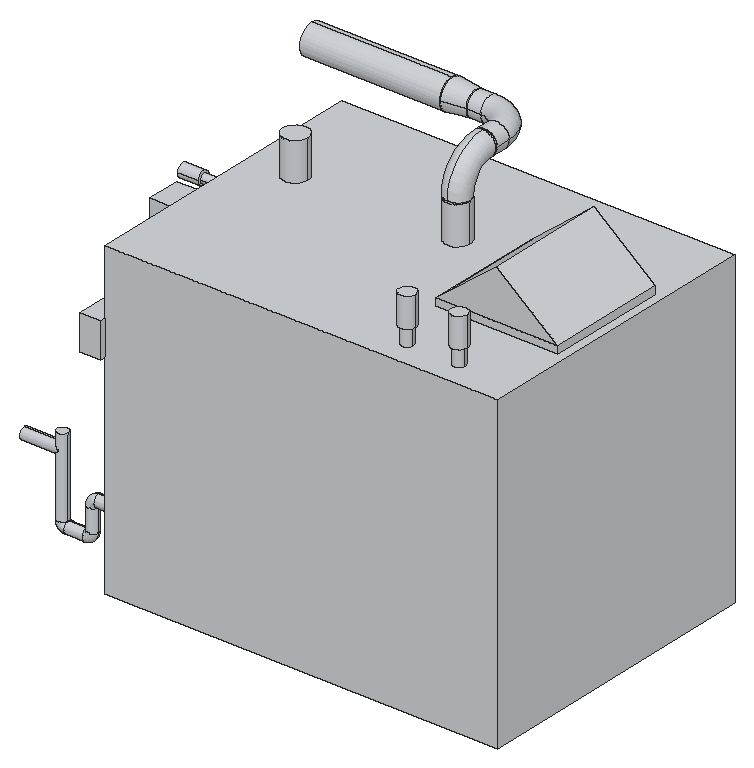
Revit family "AMP_BFIT 1000-1250 Boiler Dual Fuel", category Mechanical Equipment, Revit 2019
Family settings
  Round Connector Dimension = Use Diameter
  Part Type = Normal
  OmniClass Number = 23.75.00.00
  OmniClass Title = Climate Control (HVAC)
  Work Plane-Based = No
  Always vertical = Yes
  Cut with Voids When Loaded = No
  Shared = No
  Room Calculation Point = No
Parameters (values of type "AMP/BFIT 1000-1250 Boiler Dual Fuel")
  Width = 34 1/4"
  Length = 45 1/2"
  Height = 36 1/8"
  Voltage = ""
  Vent = "8\" EZ Vent"
  Manufacturer = "Bryan Steam"  # constant formula
  Hydronic Supply = "3\" Victaulic"
  Hydronic Return = "2-1/2\" Victaulic"
  Gas Train (Propane) = "1\" NPT"
  Gas Train (Natural Gas) = "1\" NPT"
  Condensate Trap = "1\" Pipe"
  Boiler Drain = "3/4\" NPT"
  Air Supply = "8\""
Reference planes
  plane 1 "Center (Front/Back)": y = 0
  plane 2: z = 0
  plane 3 "Center (Left/Right)": x = 0
  plane 4 "Vent": y = 95.25
  plane 5 "Condensate Trap": y = -304.8
  plane 6 "Supply 2.5" Victualic Elbow Style 10": x = 34.925
  plane 7 "3" Supply Manifold": z = 1127.125
  plane 8 "3" Supply Elbow Victaulic Style 10": y = 327.025
Forms (mm)
  Extrusion 1, solid
    sketch origin (0, 0, 0) x (1, 0, 0) y (0, 1, 0)
      loop
        line (-577.85, 434.975) -> (-577.85, -434.975) -> (577.85, -434.975) -> (577.85, 434.975) -> (-577.85, 434.975)
    from 0 to 917.575
  Extrusion 2, solid
    sketch origin (0, 0, 917.575) x (1, 0, 0) y (0, 1, 0)
      loop
        line (192.824, 174.625) -> (192.824, -180.975) -> (550.863, -180.975) -> (550.863, 174.625) -> (192.824, 174.625)
    from 0 to 21.63
  Extrusion 3, solid
    sketch origin (523.911, -180.975, 917.575) x (-1, 0, 0) y (0, 0, -1)
      loop
        line (331.087, -21.63) -> (-26.952, -21.63) -> (152.068, -167.063) -> (331.087, -21.63)
    from 0 to -355.6
  Extrusion 4, solid
    sketch origin (0, 0, 917.575) x (1, 0, 0) y (0, 1, 0)
      loop
        circle (-441.325, 95.25) r 36.513
      loop
        circle (34.925, 95.25) r 36.513
    from 0 to 111.125
  Extrusion 5, solid
    sketch origin (-577.85, -434.975, 0) x (0, 1, 0) y (0, 0, -1)
      loop
        circle (714.375, -257.175) r 100.013
      loop
        circle (714.375, -257.175) r 94.456
    from 0 to 28.575
  Revolve 6, solid
    sketch origin (0, 95.25, 0) x (-1, 0, 0) y (0, 0, 1)
      loop
        line (571.805, 578.918) -> (793.75, 590.55) -> (788.406, 692.518) -> (566.461, 680.886) -> (571.805, 578.918)
      axis (793.75, 590.55) -> (571.805, 578.918)
    angle from 0 to 360
  Sweep 7, solid
    path origin (0, -304.8, 0) x (-1, 0, 0) y (0, 0, 1)
      loop
        line (577.85, 146.406) -> (698.856, 146.406)
        arc (698.856, 146.406) -> (711.212, 141.287) -> (716.331, 128.93) r 17.475
        line (716.331, 128.93) -> (716.331, 62.281)
        arc (716.331, 62.281) -> (721.449, 49.924) -> (733.806, 44.806) r 17.475
        line (733.806, 44.806) -> (787.768, 44.806)
        arc (787.768, 44.806) -> (800.116, 49.92) -> (805.231, 62.268) r 17.463
        line (805.231, 62.268) -> (805.231, 292.456)
    profile origin (-638.353, -304.8, 146.406) x (0, 0, 1) y (0, 1, 0)
      loop
        circle (0, 0) r 16.701
  Revolve 8, solid
    sketch origin (0, -304.8, 0) x (-1, 0, 0) y (0, 0, 1)
      loop
        line (917.575, 247.65) -> (917.575, 264.351) -> (804.862, 264.351) -> (804.862, 247.65) -> (917.575, 247.65)
      axis (804.862, 247.65) -> (917.575, 247.65)
    angle from 0 to 360
  Sweep 9, solid
    path origin (34.925, 0, 0) x (0, 1, 0) y (0, 0, 1)
      loop
        line (94.688, 1028.7) -> (94.688, 1032.51)
        arc (94.688, 1032.51) -> (122.586, 1099.862) -> (189.938, 1127.76) r 95.25
        line (189.938, 1127.76) -> (193.748, 1127.76)
    profile origin (34.925, 94.688, 1030.605) x (0, -1, 0) y (1, 0, 0)
      loop
        circle (0, 0) r 36.05
  Sweep 10, solid
    path origin (0, 0, 1127.125) x (1, 0, 0) y (0, 1, 0)
      loop
        line (34.925, 193.748) -> (34.925, 238.198)
        arc (34.925, 238.198) -> (8.887, 301.059) -> (-53.975, 327.098) r 88.9
        line (-53.975, 327.098) -> (-95.25, 327.098)
    profile origin (34.925, 215.973, 1127.125) x (-1, 0, 0) y (0, 0, 1)
      loop
        circle (0, 0) r 36.314
  SweptBlend 11, solid
    path origin (0, 0, 1127.125) x (1, 0, 0) y (0, 1, 0)
      loop
        line (-95.25, 323.923) -> (-166.37, 323.923)
    profile origin (-95.25, 323.923, 1127.125) x (0, -1, 0) y (0, 0, 1)
      loop
        circle (-3.175, 0) r 36.314
    end profile origin (-166.37, 323.923, 1127.125) x (0, -1, 0) y (0, 0, 1)
      loop
        circle (-3.175, 0) r 44.45
  Extrusion 12, solid
    sketch origin (-166.37, 327.098, 1127.125) x (0, 0, -1) y (0, -1, 0)
      loop
        circle (0, -0.065) r 44.513
    from 0 to 411.46
  Extrusion 13, solid
    sketch origin (-577.85, -434.975, 0) x (0, 1, 0) y (0, 0, -1)
      loop
        line (345.313, -912.813) -> (345.313, -811.213) -> (243.713, -811.213) -> (243.713, -912.813) -> (345.313, -912.813)
      loop
        line (88.9, -723.9) -> (88.9, -622.3) -> (-12.7, -622.3) -> (-12.7, -723.9) -> (88.9, -723.9)
    from 0 to 63.004
  Extrusion 14, solid
    sketch origin (-577.85, -434.975, 0) x (0, 1, 0) y (0, 0, -1)
      loop
        circle (530.225, -815.975) r 13.335
    from 0 to 133.35
  Extrusion 15, solid
    sketch origin (0, 0, 917.575) x (1, 0, 0) y (0, 1, 0)
      loop
        circle (403.225, -358.775) r 16.701
      loop
        circle (250.825, -358.775) r 16.701
    from 0 to 50.8
  Extrusion 16, solid
    sketch origin (0, 0, 968.375) x (1, 0, 0) y (0, 1, 0)
      loop
        circle (403.225, -358.775) r 23.813
      loop
        circle (250.825, -358.775) r 23.813
    from 0 to 85.725
  Extrusion 17, solid
    sketch origin (-711.2, -434.975, 0) x (0, 1, 0) y (0, 0, -1)
      loop
        circle (530.225, -815.975) r 19.05
    from 0 to 60.325
Dimensions and locks
  "Height": Extrusion 1 to level
  equal spacing: Extrusion 1 sketch curve, plane 3 "Center (Left/Right)", Extrusion 1 sketch curve
  "Length": Extrusion 1 sketch curve to Extrusion 1 sketch curve
  equal spacing: Extrusion 1 sketch curve, plane 1 "Center (Front/Back)", Extrusion 1 sketch curve
  "Width": Extrusion 1 sketch curve to Extrusion 1 sketch curve
  locked: Extrusion 2 sketch curve to Extrusion 1 at 26.988
  locked: Extrusion 2 sketch curve to Extrusion 2 sketch curve at 358.038
  locked: Extrusion 2 sketch curve to Extrusion 2 sketch curve at 355.6
  locked: Extrusion 2 sketch curve to Extrusion 1 at 254
  locked: Extrusion 1 to Extrusion 4 sketch curve at 339.725  (x2)
  equal spacing: Extrusion 1, Extrusion 4 sketch curve, Extrusion 4 sketch curve
  locked: Extrusion 4 sketch curve to Extrusion 4 sketch curve at 476.25
  locked: Extrusion 1 to Extrusion 5 sketch curve at 257.175
  locked: Extrusion 1 to Extrusion 5 sketch curve at 155.575
  locked: Extrusion 1 to Revolve 6 sketch curve at 590.55
  locked: Revolve 6 sketch curve to Extrusion 1 at 215.9
  locked: Sweep 9 sketch curve to Sweep 9 sketch curve at 99.06  (x2)
  locked: level to plane 7 "3" Supply Manifold" at 1127.125
  Sweep 10 sketch curve to Sweep 9 = 5 1/4"
  Sweep 10 sketch curve to Sweep 10 sketch curve = 5 1/8"
  locked: SweptBlend 11 sketch curve to SweptBlend 11 sketch curve at 71.12
  SweptBlend 11 sketch curve to Sweep 10 = 0"
  locked: plane 3 "Center (Left/Right)" to plane 6 "Supply 2.5" Victualic Elbow Style 10" at 34.925
  locked: plane 8 "3" Supply Elbow Victaulic Style 10" to plane 1 "Center (Front/Back)" at 327.025
  locked: plane 4 "Vent" to plane 1 "Center (Front/Back)" at 95.25
  locked: plane 5 "Condensate Trap" to plane 1 "Center (Front/Back)" at 304.8
  locked: Sweep 7 sketch curve to Sweep 7 sketch curve at 88.9
  locked: Sweep 7 sketch curve to Sweep 7 sketch curve at 247.65
  locked: Revolve 8 sketch curve to Revolve 8 sketch curve at 112.712
  locked: Extrusion 13 sketch curve to Extrusion 13 sketch curve at 101.6  (x4)
  Revolve 8 sketch curve to Revolve 8 sketch curve = 0.6575"
  locked: Extrusion 1 to Extrusion 14 sketch curve at 815.975
  locked: Extrusion 1 to Extrusion 14 sketch curve at 353.06
  Extrusion 15 sketch curve to Extrusion 1 = 6 7/8"
  Extrusion 1 to Extrusion 15 sketch curve = 3"
  locked: Extrusion 16 sketch curve to Extrusion 1 at 174.625
  locked: Extrusion 1 to Extrusion 16 sketch curve at 76.2
  locked: Extrusion 1 to Extrusion 17 sketch curve at 339.725
  locked: Extrusion 1 to Extrusion 17 sketch curve at 101.6
  locked: Extrusion 15 sketch curve to Extrusion 1 at 327.025
  locked: Extrusion 1 to Extrusion 15 sketch curve at 76.2
  Extrusion 1 to Extrusion 16 sketch curve = 3"
  Extrusion 16 sketch curve to Extrusion 1 = 12 7/8"
  diameter of Extrusion 5 sketch curve = 7 7/16"
  diameter of Extrusion 5 sketch curve = 7 7/8"
  diameter of Extrusion 14 sketch curve = 1.05"
  diameter of Extrusion 15 sketch curve = 1.315"  (x2)
  diameter of Extrusion 16 sketch curve = 1 7/8"  (x2)
  diameter of Extrusion 17 sketch curve = 1 1/2"
  locked: Extrusion 1 to Revolve 6 sketch curve (angle 3.00°)
  aligned and locked: level to plane 2
Automatic sketch dimensions
  Extrusion 3 sketch curve to Extrusion 2 = 0"  (x3)
  Extrusion 3 sketch curve to Extrusion 2 = 7.048"
  Extrusion 3 sketch curve to Extrusion 2 = 5.72571"
  Extrusion 4 sketch curve to Extrusion 1 = 5 3/8"
  Extrusion 5 sketch curve to Extrusion 5 sketch curve = 0"  (x2)
  level to Revolve 6 sketch curve = 27.26449"
  Revolve 6 sketch curve to Revolve 6 sketch curve = 8.73801"
  Revolve 6 sketch curve to plane 3 "Center (Left/Right)" = 3.53803"
  Revolve 6 sketch curve to Revolve 6 sketch curve = 0"  (x2)
  Revolve 6 sketch curve to Revolve 6 sketch curve = 0.99438"
  Sweep 7 sketch curve to plane 5 "Condensate Trap" = 0"
  profile plane to Sweep 7 sketch curve = 0"
  Sweep 7 sketch curve to Sweep 7 sketch curve = 0.688"  (x2)
  Sweep 7 sketch curve to Sweep 7 sketch curve = 11/16"
  Sweep 7 sketch curve to Sweep 7 sketch curve = 2.624"
  Sweep 7 sketch curve to Sweep 7 sketch curve = 4.764"
  Sweep 9 sketch curve to plane 4 "Vent" = 0.02214"
  plane 4 "Vent" to Sweep 9 sketch curve = 3.72786"
  Sweep 9 sketch curve to plane 6 "Supply 2.5" Victualic Elbow Style 10" = 0"
  Sweep 9 sketch curve to profile plane = 0"
  Sweep 10 sketch curve to plane 6 "Supply 2.5" Victualic Elbow Style 10" = 0"
  Sweep 10 sketch curve to Sweep 10 sketch curve = 1 5/8"
  Sweep 10 sketch curve to Sweep 10 sketch curve = 1 3/4"
  Sweep 10 sketch curve to plane 7 "3" Supply Manifold" = 0"
  Sweep 10 sketch curve to profile plane = 0"
  plane 4 "Vent" to SweptBlend 11 sketch curve = 9.00286"
  SweptBlend 11 sketch curve to plane 7 "3" Supply Manifold" = 0"  (x2)
  profile plane to SweptBlend 11 sketch curve = 1/8"  (x2)
  Revolve 8 sketch curve to Revolve 8 sketch curve = 0.2025"
  Revolve 8 sketch curve to Revolve 8 sketch curve = 1.453"
  level to Sweep 7 sketch curve = 5.764"
  Sweep 7 sketch curve to plane 3 "Center (Left/Right)" = 27.514"
  level to Revolve 8 sketch curve = 10.4075"
  Revolve 8 sketch curve to plane 3 "Center (Left/Right)" = 31 11/16"
  Revolve 8 sketch curve to Revolve 8 sketch curve = 0"
  Sweep 9 sketch curve to plane 7 "3" Supply Manifold" = 3.725"
  Extrusion 1 to Extrusion 13 sketch curve = 1/2"
  Extrusion 1 to Extrusion 13 sketch curve = 3/16"
  Extrusion 13 sketch curve to Extrusion 1 = 9.595"
  Extrusion 13 sketch curve to Extrusion 13 sketch curve = 3 7/16"
  radius of Extrusion 4 sketch curve = 1 7/16"  (x2)
  radius of Sweep 7 sketch curve = 0.6575"
  radius of Sweep 9 sketch curve = 1.41931"
  radius of Sweep 10 sketch curve = 1 55/128"
  radius of Extrusion 12 sketch curve = 1.75249"
  radius of SweptBlend 11 sketch curve = 1 55/128"
  radius of SweptBlend 11 sketch curve = 1 3/4"
Connectors
  piping at (-441.325, 95.25, 1028.7), diameter 63.5
    settings: on Extrusion 4, index 2, connector inside diameter 24", connector length 0", flow factor 0, pipe flow 0 GPM, pressure drop 0.00 psi, fitting loss kfactor 0, connector angle 0.00°, fixture units 0, engagement length 0", angle of deflection 0.00°, flow configuration 0, flow direction 1, fitting loss method 0, system type 8, joint type 0, gender type 0, connector reference index -1, connector utility 0, adjustable connector no, is connector primary yes, connector description ""
  piping at (-606.425, 279.4, 257.175), diameter 203.2
    settings: on Extrusion 5, index 4, connector inside diameter 24", connector length 0", flow factor 0, pipe flow 0 GPM, pressure drop 0.00 psi, fitting loss kfactor 0, connector angle 0.00°, fixture units 0, engagement length 0", angle of deflection 0.00°, flow configuration 0, flow direction 1, fitting loss method 0, system type 22, joint type 0, gender type 0, connector reference index -1, connector utility 0, adjustable connector no, is connector primary no, connector description ""
  piping at (-917.575, -304.8, 247.65), diameter 25.4
    settings: on Revolve 8, index 5, connector inside diameter 24", connector length 0", flow factor 0, pipe flow 0 GPM, pressure drop 0.00 psi, fitting loss kfactor 0, connector angle 0.00°, fixture units 0, engagement length 0", angle of deflection 0.00°, flow configuration 0, flow direction 2, fitting loss method 0, system type 22, joint type 0, gender type 0, connector reference index -1, connector utility 0, adjustable connector no, is connector primary no, connector description ""
  piping at (-793.75, 95.25, 590.55), diameter 203.2
    settings: on Revolve 6, index 7, connector inside diameter 24", connector length 0", flow factor 0, pipe flow 0 GPM, pressure drop 0.00 psi, fitting loss kfactor 0, connector angle 0.00°, fixture units 0, engagement length 0", angle of deflection 0.00°, flow configuration 0, flow direction 2, fitting loss method 0, system type 17, joint type 0, gender type 0, connector reference index -1, connector utility 0, adjustable connector no, is connector primary no, connector description ""
  piping at (-577.83, 327.162, 1127.125), diameter 76.2
    settings: on Extrusion 12, index 9, connector inside diameter 24", connector length 0", flow factor 0, pipe flow 0 GPM, pressure drop 0.00 psi, fitting loss kfactor 0, connector angle 0.00°, fixture units 0, engagement length 0", angle of deflection 0.00°, flow configuration 0, flow direction 2, fitting loss method 0, system type 7, joint type 0, gender type 0, connector reference index -1, connector utility 0, adjustable connector no, is connector primary no, connector description ""
  piping at (403.225, -358.775, 1054.1), diameter 25.4
    settings: on Extrusion 16, index 11, connector inside diameter 24", connector length 0", flow factor 0, pipe flow 0 GPM, pressure drop 0.00 psi, fitting loss kfactor 0, connector angle 0.00°, fixture units 0, engagement length 0", angle of deflection 0.00°, flow configuration 0, flow direction 1, fitting loss method 0, system type 22, joint type 0, gender type 0, connector reference index -1, connector utility 0, adjustable connector no, is connector primary no, connector description ""
  piping at (-771.525, 95.25, 815.975), diameter 19.05
    settings: on Extrusion 17, index 12, connector inside diameter 24", connector length 0", flow factor 0, pipe flow 0 GPM, pressure drop 0.00 psi, fitting loss kfactor 0, connector angle 0.00°, fixture units 0, engagement length 0", angle of deflection 0.00°, flow configuration 0, flow direction 2, fitting loss method 0, system type 22, joint type 0, gender type 0, connector reference index -1, connector utility 0, adjustable connector no, is connector primary no, connector description ""
  piping at (250.825, -358.775, 1054.1), diameter 25.4
    settings: on Extrusion 16, index 13, connector inside diameter 24", connector length 0", flow factor 0, pipe flow 0 GPM, pressure drop 0.00 psi, fitting loss kfactor 0, connector angle 0.00°, fixture units 0, engagement length 0", angle of deflection 0.00°, flow configuration 0, flow direction 1, fitting loss method 0, system type 22, joint type 0, gender type 0, connector reference index -1, connector utility 0, adjustable connector no, is connector primary no, connector description ""
